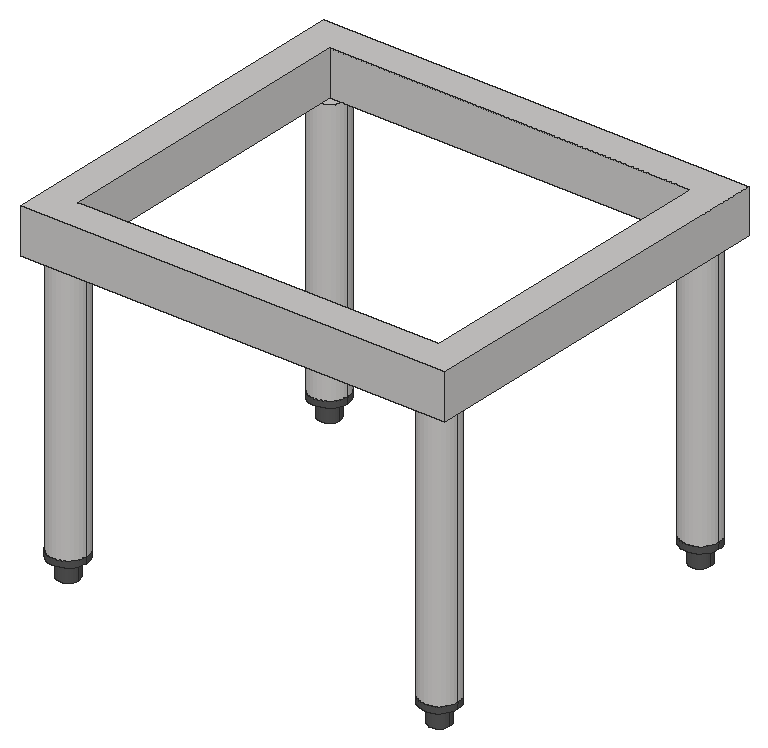
Revit family "QF_CAPIC_PT_W293011", category Equipement spécialisé, Revit 2018
Family settings
  Cote de connecteur circulaire = Utiliser le diamètre
  Type d'élément = Normal
  Numéro OmniClass = 23.40.40.14
  Titre OmniClass = Food Service Equipment
  Basée sur le plan de construction = Non
  Toujours verticalement = Oui
  Couper avec des vides une fois chargée = Non
  Partagée = Non
  Point de calcul de pièce = Non
Parameters (values of type "L=800mm")
  URL catalogue = "http://www.capic-fr.com/fr/"
  Type de Raccord Plomberie [instance] = ""
  Type de Raccord Electrique [instance] = ""
  Type de Gaz = ""
  Type article [instance] = ""
  Tension = 0 V
  Spécification du Fabricant = ""
  Show Logo = yes
  Remarques evacuation [instance] = ""
  Remarques Plomberie [instance] = ""
  Remarques Electricité [instance] = ""
  Puissance électrique  = 0 W
  Puissance Gaz kW = 0
  Profondeur hors tout = 715 mm
  Pression Maximum Eau Adoucie = 0.0 Pa
  Poids net à vide = 60.00 kg
  Phase = 0
  Modèle = "W293011"
  Longueur hors tout = 800 mm
  Intensité nominale = 0 A
  Hauteur hors tout = 630 mm
  Hauteur de Raccordement du Sol Finis = 0 mm
  Hauteur de Raccordement Gaz du Sol Finis = 0 mm
  Hauteur de Raccordement Evacuation Directe du Sol Finis = 0 mm
  Hauteur de Raccordement Eau Froide du Sol Finis = 0 mm
  Hauteur de Raccordement Eau Chaude du Sol Finis = 0 mm
  Hauteur de Raccordement Eau Adoucie du Sol Finis = 0 mm
  Fréquence = 0 Hz
  Fabricant = "CAPIC"
  Débit d'air d'extraction = 0.0 m³/h
  Débit Gaz = 0.0 L/s
  Débit Eau Froide = 0.0 L/s
  Débit Eau Chaude = 0.0 L/s
  Débit Eau Adoucie = 0.0 L/s
  Diamètre de Raccordement Gaz = 0 mm
  Diamètre de Raccordement Evacuation = 0 mm
  Diamètre de Raccordement Eau Froide = 0 mm
  Diamètre de Raccordement Eau Chaude = 0 mm
  Diamètre de Raccordement Eau Adoucie = 0 mm
  Description = "Pietement tubes ronds"
  Assembly Code = ""
  Classification  Omniclass nombre et titre = "23.40.40.14"
Reference planes
  plane 1 "Centre (avant/arrière)": y = 0
  plane 2: z = 0
  plane 3 "Centre (gauche/droite)": x = 0
  plane 4 "Centre G/E": y = 0
  plane 5: y = -838
  plane 6: z = 630
  plane 7: y = -123
  plane 8: x = 800
  plane 9: z = 546
  plane 10: y = -173
  plane 11: y = -788
  plane 12: x = 50
  plane 13: x = 750
  plane 14: z = 46
Forms (mm)
  Extrusion 1, solid, material "QF_Stainless Steel-Brushed"
    sketch origin (4267.2, -1071.386, 630) x (0, -1, 0) y (1, 0, 0)
      loop
        line (-948.386, -4267.2) -> (-233.386, -4267.2) -> (-233.386, -3467.2) -> (-948.386, -3467.2) -> (-948.386, -4267.2)
      loop
        line (-888.386, -3527.2) -> (-888.386, -4207.2) -> (-293.386, -4207.2) -> (-293.386, -3527.2) -> (-888.386, -3527.2)
    from 0 to -84
  Extrusion 2, solid, material "QF_Stainless Steel-Brushed"
    sketch origin (0, 0, 0) x (1, 0, 0) y (0, 1, 0)
      loop
        circle (50, -173) r 35
    from 46 to 546
  Revolve 3, solid, material "QF_Plastic-Black"
    sketch origin (-199.347, -173, 4000) x (-1, 0, 0) y (0, 0, 1)
      loop
        line (-284.347, -3954) -> (-284.347, -3966) -> (-269.347, -3966) -> (-269.347, -4000) -> (-249.347, -4000) -> (-249.347, -3954) -> (-284.347, -3954)
      axis (-249.347, -4000) -> (-249.347, -3954)
    angle from 0 to 360
  Extrusion 4, solid, material "QF_Stainless Steel-Brushed"
    sketch origin (220, 0, 0) x (1, 0, 0) y (0, 1, 0)
      loop
        circle (530, -173) r 35
    from 46 to 546
  Revolve 5, solid, material "QF_Plastic-Black"
    sketch origin (160.653, -173, 4000) x (-1, 0, 0) y (0, 0, 1)
      loop
        line (-624.347, -3954) -> (-624.347, -3966) -> (-609.347, -3966) -> (-609.347, -4000) -> (-589.347, -4000) -> (-589.347, -3954) -> (-624.347, -3954)
      axis (-589.347, -4000) -> (-589.347, -3954)
    angle from 0 to 360
  Extrusion 6, solid, material "QF_Stainless Steel-Brushed"
    sketch origin (0, -615, 0) x (1, 0, 0) y (0, 1, 0)
      loop
        circle (50, -173) r 35
    from 46 to 546
  Revolve 7, solid, material "QF_Plastic-Black"
    sketch origin (-133.843, -788, 4000) x (-1, 0, 0) y (0, 0, 1)
      loop
        line (-218.843, -3954) -> (-218.843, -3966) -> (-203.843, -3966) -> (-203.843, -4000) -> (-183.843, -4000) -> (-183.843, -3954) -> (-218.843, -3954)
      axis (-183.843, -4000) -> (-183.843, -3954)
    angle from 0 to 360
  Extrusion 8, solid, material "QF_Stainless Steel-Brushed"
    sketch origin (230, -615, 0) x (1, 0, 0) y (0, 1, 0)
      loop
        circle (520, -173) r 35
    from 46 to 546
  Revolve 9, solid, material "QF_Plastic-Black"
    sketch origin (-133.843, -788, 4000) x (-1, 0, 0) y (0, 0, 1)
      loop
        line (-918.843, -3954) -> (-918.843, -3966) -> (-903.843, -3966) -> (-903.843, -4000) -> (-883.843, -4000) -> (-883.843, -3954) -> (-918.843, -3954)
      axis (-883.843, -4000) -> (-883.843, -3954)
    angle from 0 to 360
Dimensions and locks
  locked: plane 7 to Extrusion 1 sketch curve at 60
  locked: Extrusion 1 sketch curve to plane 5 at 60
  locked: plane 3 "Centre (gauche/droite)" to Extrusion 1 sketch curve at 60
  locked: Extrusion 1 sketch curve to plane 8 at 60
  "Longueur hors tout": plane 3 "Centre (gauche/droite)" to plane 8
  "Hauteur hors tout": plane 6 to level
  locked: plane 6 to plane 9 at 84
  locked: plane 7 to plane 10 at 50
  locked: plane 11 to plane 5 at 50
  locked: plane 3 "Centre (gauche/droite)" to plane 12 at 50
  locked: plane 13 to plane 8 at 50
  locked: plane 9 to plane 14 at 500
  locked: Revolve 3 sketch curve to plane 12 at 35
  locked: plane 14 to Revolve 3 sketch curve at 12
  locked: Revolve 3 sketch curve to plane 12 at 20
  Revolve 5 sketch curve to Revolve 5 sketch curve to plane 13 = 15 mm locked, 20 mm locked
  "Profondeur hors tout": plane 7 to plane 5
  locked: plane 14 to Revolve 5 sketch curve at 12
  locked: Revolve 7 sketch curve to plane 12 at 20
  locked: Revolve 7 sketch curve to plane 12 at 35
  locked: Revolve 3 to plane 14 at 12
  locked: plane 14 to Revolve 5 at 12
  locked: Revolve 9 sketch curve to plane 13 at 20
  locked: Revolve 9 sketch curve to plane 13 at 35
  aligned and locked: level to plane 2
  aligned and locked: Extrusion 1 sketch curve to plane 7
  aligned and locked: plane 3 "Centre (gauche/droite)" to Extrusion 1 sketch curve
  aligned and locked: plane 5 to Extrusion 1 sketch curve
  aligned and locked: Extrusion 1 sketch curve to plane 8
  aligned and locked: Extrusion 1 to plane 9
  aligned and locked: plane 6 to Extrusion 1
  aligned and locked: plane 9 to Extrusion 2
  aligned and locked: Extrusion 2 to plane 14
  aligned and locked: plane 12 to Extrusion 2 sketch curve
  aligned and locked: plane 10 to Extrusion 2 sketch curve
  aligned and locked: level to Revolve 3 sketch curve
  aligned and locked: plane 12 to Revolve 3 sketch curve
  aligned and locked: Revolve 3 sketch curve to plane 14
  aligned and locked: plane 13 to Extrusion 4 sketch curve
  aligned and locked: plane 10 to Extrusion 4 sketch curve
  aligned and locked: plane 13 to Revolve 5 sketch curve  (x2)
  aligned and locked: level to Revolve 5 sketch curve
  aligned and locked: Revolve 5 sketch curve to plane 14
  aligned and locked: plane 12 to Extrusion 6 sketch curve
  aligned and locked: plane 11 to Extrusion 6 sketch curve
  aligned and locked: plane 9 to Extrusion 6
  aligned and locked: Extrusion 6 to plane 14
  aligned and locked: plane 14 to Revolve 7 sketch curve
  aligned and locked: Revolve 7 sketch curve to level
  aligned and locked: plane 9 to Extrusion 4
  aligned and locked: Extrusion 4 to plane 14
  aligned and locked: plane 13 to Extrusion 8 sketch curve
  aligned and locked: plane 11 to Extrusion 8 sketch curve
  aligned and locked: Revolve 3 to plane 14
  aligned and locked: Extrusion 8 to Extrusion 1
  aligned and locked: Revolve 9 sketch curve to plane 14
  aligned and locked: level to Revolve 9 sketch curve
  aligned and locked: Extrusion 8 to plane 14
Automatic sketch dimensions
  Revolve 3 sketch curve to plane 12 = 0 mm
  Revolve 3 sketch curve to level = 0 mm
  Revolve 3 sketch curve to plane 14 = 0 mm
  Revolve 5 sketch curve to level = 0 mm
  Revolve 5 sketch curve to plane 14 = 0 mm
  Revolve 9 sketch curve to plane 13 = 0 mm  (x2)
  Revolve 9 sketch curve to plane 14 = 12 mm
  Revolve 9 sketch curve to level = 88.15 mm
  Revolve 9 sketch curve to Revolve 9 sketch curve = 37 mm
  Revolve 7 sketch curve to plane 12 = 0 mm  (x2)
  Revolve 7 sketch curve to plane 14 = 12 mm
  Revolve 7 sketch curve to level = 25 mm
  Revolve 7 sketch curve to Revolve 7 sketch curve = 12 mm
  radius of Extrusion 2 sketch curve = 35 mm
  radius of Extrusion 4 sketch curve = 35 mm
  radius of Extrusion 6 sketch curve = 35 mm
  radius of Extrusion 8 sketch curve = 35 mm
